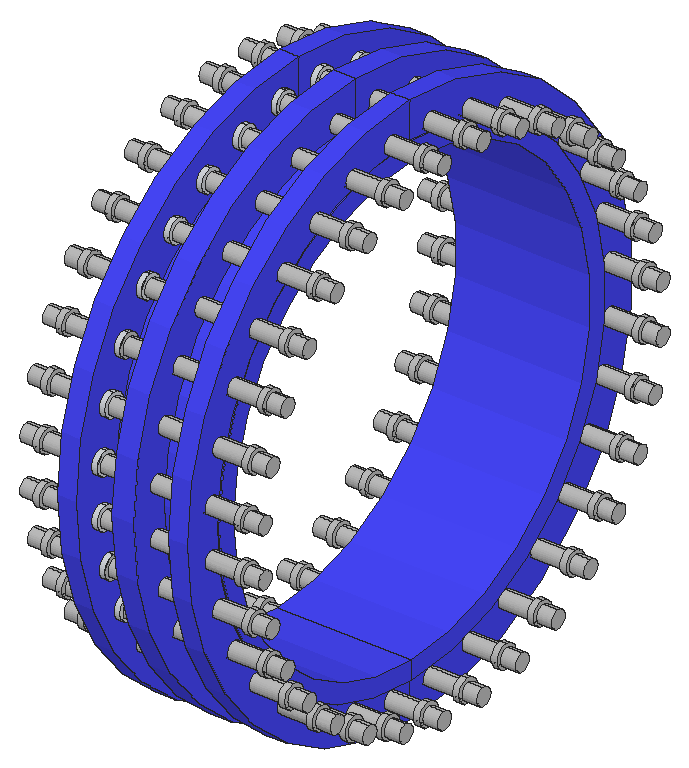
Revit family "265-91-001 DN1200", category Pipe Accessories, Revit 2022
Family settings
  Round Connector Dimension = Use Diameter
  Part Type = Valve - Breaks Into
  Work Plane-Based = No
  Always vertical = Yes
  Cut with Voids When Loaded = No
  Shared = No
Parameters (values of type "DN1200_PN16")
  raised_R = D * 0.87  # 648.15 mm
  offset = S11 - S  # 15.75 mm
  URL_product_pages = "https://www.avkvalves.com/P.aspx?no=265900401014036400"
  T1 = FL_T * 0.75  # 42.75 mm
  T = FL_T * 0.3  # 17.1 mm
  Search_table = "265-91-001 DN1200"
  S11 = S * 1.35  # 60.75 mm
  S = size_lookup(Search_table, "S", 0 mm, DN)  # 45 mm
  Raised_dis = size_lookup(Search_table, "Raised_dis", 0 mm, DN)  # 5 mm
  PN = size_lookup(Search_table, "PN", 0 mm, DN)  # 16 mm
  PCD = D * 0.9  # 670.5 mm
  Nut_T = FL_T * 0.3  # 17.1 mm
  L3 = FL_T / 2  # 28.5 mm
  L2 = L * 0.065  # 41.6 mm
  L11 = size_lookup(Search_table, "L11", 0 mm, DN)  # 360 mm
  L1 = L11 * 0.68  # 244.8 mm
  FL_T/2 = FL_T / 2  # 28.5 mm
  L = size_lookup(Search_table, "L", 0 mm, DN)  # 640 mm
  FL_T = size_lookup(Search_table, "FL_T", 0 mm, DN)  # 57 mm
  Description_ = "AVK DISMANTLING JOINT WITH CENTRE FLANGE, PN10/16"
  Default Elevation = 0 mm
  DN1200_PN10 = "265-9-0350-11-04036401"
  DN1200_PN16 = "265-9-0350-10-14036400"
  DN = 1200 mm
  D = size_lookup(Search_table, "D", 0 mm, DN) / 2  # 745 mm
  Bore = DN / 2  # 600 mm
  Bolt.no = size_lookup(Search_table, "Bolt.no", 0 mm, DN)  # 32 mm
  B1 = L * 0.08  # 51.2 mm
  25 = 25 mm  # constant formula
Types (3, lengths in mm): name | raised_R | offset | T1 | T | S11 | S | PN | PCD | Nut_T | L3 | L2 | L11 | L1 | FL_T/2 | L | FL_T | DN1200_PN10 | DN1200_PN16 | DN | D | Bore | B1
  (no name) | 648.15 | 15.75 | 42.75 | 17.1 | 60.75 | 45 | 16 | 670.5 | 17.1 | 28.5 | 41.6 | 360 | 244.8 | 28.5 | 640 | 57 | "265-9-0350-11-04036401" | "265-9-0350-10-14036400" | 1200 | 745 | 600 | 51.2
  DN1200_PN16 | 648.15 | 15.75 | 42.75 | 17.1 | 60.75 | 45 | 16 | 670.5 | 17.1 | 28.5 | 41.6 | 360 | 244.8 | 28.5 | 640 | 57 | "265-9-0350-11-04036401" | "265-9-0350-10-14036400" | 1200 | 745 | 600 | 51.2
  DN1200_PN10 | 632.925 | 12.6 | 33.75 | 13.5 | 48.6 | 36 | 10 | 654.75 | 13.5 | 22.5 | 35.425 | 320 | 217.6 | 22.5 | 545 | 45 | "265-9-1200-11-04036401" | "265-9-1200-10-14036400" | 1200.1 | 727.5 | 600.05 | 43.6
Reference planes
  plane 1 "Center (Front/Back)": y = 0
  plane 2: z = 0
  plane 3 "Center (Left/Right)": x = 0
  plane 4: z = 745
  plane 5: z = -745
  plane 6: x = -180
  plane 7: x = 180
  plane 8: x = -180
  plane 9: x = 180
  plane 10: z = 600
  plane 11: y = 670.5
  plane 12: y = -670.5
  plane 13: z = 670.5
  plane 14: z = -670.5
  plane 15: x = -320
  plane 16: x = 320
  plane 17: x = 123
  plane 18: x = -278.4
  plane 19: x = 278.4
  plane 20: x = -123
  plane 21: x = -28.5
  plane 22: x = -261.3
  plane 23: x = -105.9
  plane 24: x = -45.6
  plane 25: x = 105.9
  plane 26: x = 261.3
  plane 27: y = 0.002
  plane 28: y = 0
  plane 29: z = 320
  plane 30: z = 225
  plane 31: z = 292.5
  plane 32: z = 0
  plane 33: through (0, 821.027, -80.864) normal (0, 0.098, 0.9952)
  plane 34: through (0, 809.148, -160.95) normal (0, 0.1951, 0.9808)
  plane 35: through (0, 789.476, -239.485) normal (0, 0.2903, 0.9569)
  plane 36: through (0, 762.201, -315.714) normal (0, 0.3827, 0.9239)
  plane 37: through (0, 727.585, -388.902) normal (0, 0.4714, 0.8819)
  plane 38: through (0, 685.962, -458.345) normal (0, 0.5556, 0.8315)
  plane 39: through (0, 637.734, -523.374) normal (0, 0.6344, 0.773)
  plane 40: through (0, 583.363, -583.363) normal (0, 0.7071, 0.7071)
  plane 41: through (0, 523.374, -637.734) normal (0, 0.773, 0.6344)
  plane 42: through (0, 458.345, -685.962) normal (0, 0.8315, 0.5556)
  plane 43: through (0, 388.902, -727.585) normal (0, 0.8819, 0.4714)
  plane 44: through (0, 315.714, -762.201) normal (0, 0.9239, 0.3827)
  plane 45: through (0, 388.902, -727.585) normal (0, 0.8819, 0.4714)
  plane 46: through (0, 239.485, -789.476) normal (0, 0.9569, 0.2903)
  plane 47: through (0, 160.95, -809.148) normal (0, 0.9808, 0.1951)
  plane 48: through (0, 80.864, -821.027) normal (0, 0.9952, 0.098)
  plane 49: through (0, -821.027, -80.864) normal (0, 0.098, -0.9952)
  plane 50: through (0, -809.148, -160.95) normal (0, 0.1951, -0.9808)
  plane 51: through (0, -789.476, -239.485) normal (0, 0.2903, -0.9569)
  plane 52: through (0, -762.201, -315.714) normal (0, 0.3827, -0.9239)
  plane 53: through (0, -727.585, -388.902) normal (0, 0.4714, -0.8819)
  plane 54: through (0, -685.962, -458.345) normal (0, 0.5556, -0.8315)
  plane 55: through (0, -637.734, -523.374) normal (0, 0.6344, -0.773)
  plane 56: through (0, -583.363, -583.363) normal (0, 0.7071, -0.7071)
  plane 57: through (0, -523.374, -637.734) normal (0, 0.773, -0.6344)
  plane 58: through (0, -458.345, -685.962) normal (0, 0.8315, -0.5556)
  plane 59: through (0, -388.902, -727.585) normal (0, 0.8819, -0.4714)
  plane 60: through (0, -315.714, -762.201) normal (0, 0.9239, -0.3827)
  plane 61: through (0, -388.902, -727.585) normal (0, 0.8819, -0.4714)
  plane 62: through (0, -239.485, -789.476) normal (0, 0.9569, -0.2903)
  plane 63: through (0, -160.95, -809.148) normal (0, 0.9808, -0.1951)
  plane 64: through (0, -80.864, -821.027) normal (0, 0.9952, -0.098)
Forms (mm)
  Revolve 1, solid, material "Laminate, Blue, Matte"
    sketch origin (0, 0, 0) x (1, 0, 0) y (0, 0, 1)
      loop
        line (-180, 648.15) -> (-180, 600) -> (180, 600) -> (180, 648.15) -> (175, 648.15) -> (175, 745) -> (123, 745) -> (123, 617.1) -> (-123, 617.1) -> (-123, 745) -> (-175, 745) -> (-175, 648.15) -> (-180, 648.15)
      axis (-180, 0) -> (180, 0)
    angle from 0 to 360
  Revolve 2, solid, material "Laminate, Blue, Matte"
    sketch origin (0, 0, 0) x (1, 0, 0) y (0, 0, 1)
      loop
        line (-28.5, 745) -> (-28.5, 617.1) -> (64.8, 617.1) -> (64.8, 642.75) -> (28.5, 642.75) -> (28.5, 745) -> (-28.5, 745)
      axis (-28.5, 0) -> (64.8, 0)
    angle from 0 to 360
  Extrusion 3, solid, material "Stainless Steel AISI 304"
    sketch origin (-278.4, -1524, 188.585) x (0, 0, 1) y (0, -1, 0)
      loop
        circle (-254.305, -2191.271) r 22.5
      loop
        circle (-383.221, -2165.628) r 22.5
      loop
        circle (-504.656, -2115.328) r 22.5
      loop
        circle (-613.945, -2042.304) r 22.5
      loop
        circle (-706.888, -1949.361) r 22.5
      loop
        circle (-779.913, -1840.072) r 22.5
      loop
        circle (-830.213, -1718.636) r 22.5
      loop
        circle (-855.856, -1589.72) r 22.5
      loop
        circle (-254.305, -856.729) r 22.5
      loop
        circle (-383.221, -882.372) r 22.5
      loop
        circle (-504.656, -932.672) r 22.5
      loop
        circle (-613.945, -1005.696) r 22.5
      loop
        circle (-706.888, -1098.639) r 22.5
      loop
        circle (-779.913, -1207.928) r 22.5
      loop
        circle (-830.213, -1329.364) r 22.5
      loop
        circle (-855.856, -1458.28) r 22.5
      loop
        circle (-122.864, -2191.271) r 22.5
      loop
        circle (6.051, -2165.628) r 22.5
      loop
        circle (127.487, -2115.328) r 22.5
      loop
        circle (236.776, -2042.304) r 22.5
      loop
        circle (329.719, -1949.361) r 22.5
      loop
        circle (402.744, -1840.072) r 22.5
      loop
        circle (453.044, -1718.636) r 22.5
      loop
        circle (478.687, -1589.72) r 22.5
      loop
        circle (-122.864, -856.729) r 22.5
      loop
        circle (6.051, -882.372) r 22.5
      loop
        circle (127.487, -932.672) r 22.5
      loop
        circle (236.776, -1005.696) r 22.5
      loop
        circle (329.719, -1098.639) r 22.5
      loop
        circle (402.744, -1207.928) r 22.5
      loop
        circle (453.044, -1329.364) r 22.5
      loop
        circle (478.687, -1458.28) r 22.5
    from -41.6 to 598.4
  Extrusion 4, solid, material "Stainless Steel AISI 304"
    sketch origin (-237.075, -1524, 188.585) x (0, 0, 1) y (0, -1, 0)
      loop
        circle (-254.305, -2191.271) r 30.375
      loop
        circle (-383.221, -2165.628) r 30.375
      loop
        circle (-504.656, -2115.328) r 30.375
      loop
        circle (-613.945, -2042.304) r 30.375
      loop
        circle (-706.888, -1949.361) r 30.375
      loop
        circle (-779.913, -1840.072) r 30.375
      loop
        circle (-830.213, -1718.636) r 30.375
      loop
        circle (-855.856, -1589.72) r 30.375
      loop
        circle (-855.856, -1458.28) r 30.375
      loop
        circle (-830.213, -1329.364) r 30.375
      loop
        circle (-779.913, -1207.928) r 30.375
      loop
        circle (-706.888, -1098.639) r 30.375
      loop
        circle (-613.945, -1005.696) r 30.375
      loop
        circle (-504.656, -932.672) r 30.375
      loop
        circle (-383.221, -882.372) r 30.375
      loop
        circle (-254.305, -856.729) r 30.375
      loop
        circle (-122.864, -2191.271) r 30.375
      loop
        circle (6.051, -2165.628) r 30.375
      loop
        circle (127.487, -2115.328) r 30.375
      loop
        circle (236.776, -2042.304) r 30.375
      loop
        circle (329.719, -1949.361) r 30.375
      loop
        circle (402.744, -1840.072) r 30.375
      loop
        circle (453.044, -1718.636) r 30.375
      loop
        circle (478.687, -1589.72) r 30.375
      loop
        circle (478.687, -1458.28) r 30.375
      loop
        circle (453.044, -1329.364) r 30.375
      loop
        circle (402.744, -1207.928) r 30.375
      loop
        circle (329.719, -1098.639) r 30.375
      loop
        circle (236.776, -1005.696) r 30.375
      loop
        circle (127.487, -932.672) r 30.375
      loop
        circle (6.051, -882.372) r 30.375
      loop
        circle (-122.864, -856.729) r 30.375
    from -41.325 to -24.225
  Extrusion 5, solid, material "Stainless Steel AISI 304"
    sketch origin (-278.4, -1524, 188.585) x (0, 0, 1) y (0, -1, 0)
      loop
        circle (-254.305, -2191.271) r 30.375
      loop
        circle (-383.221, -2165.628) r 30.375
      loop
        circle (-504.656, -2115.328) r 30.375
      loop
        circle (-613.945, -2042.304) r 30.375
      loop
        circle (-706.888, -1949.361) r 30.375
      loop
        circle (-779.913, -1840.072) r 30.375
      loop
        circle (-830.213, -1718.636) r 30.375
      loop
        circle (-855.856, -1589.72) r 30.375
      loop
        circle (-855.856, -1458.28) r 30.375
      loop
        circle (-830.213, -1329.364) r 30.375
      loop
        circle (-779.913, -1207.928) r 30.375
      loop
        circle (-706.888, -1098.639) r 30.375
      loop
        circle (-613.945, -1005.696) r 30.375
      loop
        circle (-504.656, -932.672) r 30.375
      loop
        circle (-383.221, -882.372) r 30.375
      loop
        circle (-254.305, -856.729) r 30.375
      loop
        circle (-122.864, -856.729) r 30.375
      loop
        circle (6.051, -882.372) r 30.375
      loop
        circle (127.487, -932.672) r 30.375
      loop
        circle (236.776, -1005.696) r 30.375
      loop
        circle (329.719, -1098.639) r 30.375
      loop
        circle (402.744, -1207.928) r 30.375
      loop
        circle (453.044, -1329.364) r 30.375
      loop
        circle (478.687, -1458.28) r 30.375
      loop
        circle (478.687, -1589.72) r 30.375
      loop
        circle (453.044, -1718.636) r 30.375
      loop
        circle (402.744, -1840.072) r 30.375
      loop
        circle (329.719, -1949.361) r 30.375
      loop
        circle (236.776, -2042.304) r 30.375
      loop
        circle (-122.864, -2191.271) r 30.375
      loop
        circle (6.051, -2165.628) r 30.375
      loop
        circle (127.487, -2115.328) r 30.375
    from 556.8 to 539.7
  Extrusion 6, solid
    sketch origin (-278.4, -1524, 188.585) x (0, 0, 1) y (0, -1, 0)
      loop
        circle (-122.864, -2191.271) r 30.375
      loop
        circle (6.051, -2165.628) r 30.375
      loop
        circle (127.487, -2115.328) r 30.375
      loop
        circle (236.776, -2042.304) r 30.375
      loop
        circle (-254.305, -2191.271) r 30.375
      loop
        circle (-383.221, -2165.628) r 30.375
      loop
        circle (-504.656, -2115.328) r 30.375
      loop
        circle (-613.945, -2042.304) r 30.375
      loop
        circle (-706.888, -1949.361) r 30.375
      loop
        circle (-779.913, -1840.072) r 30.375
      loop
        circle (-830.213, -1718.636) r 30.375
      loop
        circle (-855.856, -1589.72) r 30.375
      loop
        circle (-855.856, -1458.28) r 30.375
      loop
        circle (-830.213, -1329.364) r 30.375
      loop
        circle (-779.913, -1207.928) r 30.375
      loop
        circle (-706.888, -1098.639) r 30.375
      loop
        circle (-613.945, -1005.696) r 30.375
      loop
        circle (-504.656, -932.672) r 30.375
      loop
        circle (-383.221, -882.372) r 30.375
      loop
        circle (-254.305, -856.729) r 30.375
      loop
        circle (-122.864, -856.729) r 30.375
      loop
        circle (6.051, -882.372) r 30.375
      loop
        circle (127.487, -932.672) r 30.375
      loop
        circle (236.776, -1005.696) r 30.375
      loop
        circle (329.719, -1098.639) r 30.375
      loop
        circle (402.744, -1207.928) r 30.375
      loop
        circle (453.044, -1329.364) r 30.375
      loop
        circle (478.687, -1458.28) r 30.375
      loop
        circle (478.687, -1589.72) r 30.375
      loop
        circle (453.044, -1718.636) r 30.375
      loop
        circle (402.744, -1840.072) r 30.375
      loop
        circle (329.719, -1949.361) r 30.375
    from 172.5 to 155.4
  Extrusion 7, solid, material "Stainless Steel AISI 304"
    sketch origin (-278.4, -1524, 188.585) x (0, 0, 1) y (0, -1, 0)
      loop
        circle (127.487, -2115.328) r 30.375
      loop
        circle (6.051, -2165.628) r 30.375
      loop
        circle (-122.864, -2191.271) r 30.375
      loop
        circle (-254.305, -2191.271) r 30.375
      loop
        circle (-383.221, -2165.628) r 30.375
      loop
        circle (-504.656, -2115.328) r 30.375
      loop
        circle (-613.945, -2042.304) r 30.375
      loop
        circle (-706.888, -1949.361) r 30.375
      loop
        circle (-779.913, -1840.072) r 30.375
      loop
        circle (-830.213, -1718.636) r 30.375
      loop
        circle (-855.856, -1589.72) r 30.375
      loop
        circle (-855.856, -1458.28) r 30.375
      loop
        circle (-830.213, -1329.364) r 30.375
      loop
        circle (-779.913, -1207.928) r 30.375
      loop
        circle (-706.888, -1098.639) r 30.375
      loop
        circle (-613.945, -1005.696) r 30.375
      loop
        circle (-504.656, -932.672) r 30.375
      loop
        circle (-383.221, -882.372) r 30.375
      loop
        circle (-254.305, -856.729) r 30.375
      loop
        circle (-122.864, -856.729) r 30.375
      loop
        circle (6.051, -882.372) r 30.375
      loop
        circle (127.487, -932.672) r 30.375
      loop
        circle (236.776, -1005.696) r 30.375
      loop
        circle (329.719, -1098.639) r 30.375
      loop
        circle (402.744, -1207.928) r 30.375
      loop
        circle (453.044, -1329.364) r 30.375
      loop
        circle (478.687, -1458.28) r 30.375
      loop
        circle (478.687, -1589.72) r 30.375
      loop
        circle (453.044, -1718.636) r 30.375
      loop
        circle (402.744, -1840.072) r 30.375
      loop
        circle (236.776, -2042.304) r 30.375
      loop
        circle (329.719, -1949.361) r 30.375
    from 384.3 to 401.4
  Extrusion 8, solid, material "Stainless Steel AISI 304"
    sketch origin (-278.4, -1524, 188.585) x (0, 0, 1) y (0, -1, 0)
      loop
        circle (-122.864, -2191.271) r 30.375
      loop
        circle (6.051, -2165.628) r 30.375
      loop
        circle (-254.305, -2191.271) r 30.375
      loop
        circle (-383.221, -2165.628) r 30.375
      loop
        circle (-504.656, -2115.328) r 30.375
      loop
        circle (-613.945, -2042.304) r 30.375
      loop
        circle (-706.888, -1949.361) r 30.375
      loop
        circle (-779.913, -1840.072) r 30.375
      loop
        circle (-830.213, -1718.636) r 30.375
      loop
        circle (-855.856, -1589.72) r 30.375
      loop
        circle (-855.856, -1458.28) r 30.375
      loop
        circle (-830.213, -1329.364) r 30.375
      loop
        circle (-779.913, -1207.928) r 30.375
      loop
        circle (-706.888, -1098.639) r 30.375
      loop
        circle (-613.945, -1005.696) r 30.375
      loop
        circle (-504.656, -932.672) r 30.375
      loop
        circle (-383.221, -882.372) r 30.375
      loop
        circle (-254.305, -856.729) r 30.375
      loop
        circle (-122.864, -856.729) r 30.375
      loop
        circle (6.051, -882.372) r 30.375
      loop
        circle (127.487, -932.672) r 30.375
      loop
        circle (236.776, -1005.696) r 30.375
      loop
        circle (329.719, -1098.639) r 30.375
      loop
        circle (402.744, -1207.928) r 30.375
      loop
        circle (453.044, -1329.364) r 30.375
      loop
        circle (478.687, -1458.28) r 30.375
      loop
        circle (127.487, -2115.328) r 30.375
      loop
        circle (236.776, -2042.304) r 30.375
      loop
        circle (329.719, -1949.361) r 30.375
      loop
        circle (402.744, -1840.072) r 30.375
      loop
        circle (453.044, -1718.636) r 30.375
      loop
        circle (478.687, -1589.72) r 30.375
    from 155.4 to 172.5
Dimensions and locks
  equal spacing: plane 4, level, plane 5
  "D": plane 4 to level
  equal spacing: plane 7, plane 3 "Center (Left/Right)", plane 6
  "L11": plane 7 to plane 6
  equal spacing: plane 9, plane 3 "Center (Left/Right)", plane 8
  "L11": plane 9 to plane 8
  "Bore": plane 10 to level
  equal spacing: Revolve 1 sketch curve, plane 3 "Center (Left/Right)", Revolve 1 sketch curve  (x3)
  "T": Revolve 1 sketch curve to plane 10
  "Raised_dis": Revolve 1 sketch curve to plane 6
  "FL_T": Revolve 1 sketch curve to plane 6
  "T1": Revolve 2 sketch curve to plane 10
  "T": Revolve 2 sketch curve to plane 10
  "L1": Revolve 2 sketch curve to plane 6
  equal spacing: Revolve 2 sketch curve, plane 3 "Center (Left/Right)", Revolve 2 sketch curve
  "FL_T/2": plane 3 "Center (Left/Right)" to Revolve 2 sketch curve
  equal spacing: plane 11, plane 1 "Center (Front/Back)", plane 12
  equal spacing: plane 13, level, plane 14
  "PCD": plane 13 to level
  "PCD": plane 11 to plane 1 "Center (Front/Back)"
  equal spacing: plane 16, plane 3 "Center (Left/Right)", plane 15
  "L": plane 16 to plane 15
  "FL_T": plane 9 to plane 17
  "L2": plane 18 to plane 15
  equal spacing: plane 19, plane 3 "Center (Left/Right)", plane 18
  "FL_T": plane 20 to plane 8
  "FL_T/2": plane 3 "Center (Left/Right)" to plane 21
  "raised_R": Revolve 1 sketch curve to level
  "Nut_T": plane 22 to plane 18
  "Nut_T": plane 23 to plane 20
  "Nut_T": plane 21 to plane 24
  "Nut_T": plane 17 to plane 25
  "Nut_T": plane 19 to plane 26
  plane 16 to plane 15 = 640 mm
  plane 4 to plane 5 = 1490 mm
  "PCD": plane 64 to Extrusion 3 sketch curve
  equal spacing: Extrusion 3 sketch curve, plane 33, Extrusion 3 sketch curve  (x2)
  equal spacing: Extrusion 3 sketch curve, plane 35, Extrusion 3 sketch curve  (x2)
  "PCD": Extrusion 3 sketch curve to plane 62
  equal spacing: Extrusion 3 sketch curve, plane 37, Extrusion 3 sketch curve  (x2)
  equal spacing: Extrusion 3 sketch curve, plane 39, Extrusion 3 sketch curve  (x2)
  equal spacing: Extrusion 3 sketch curve, plane 41, Extrusion 3 sketch curve  (x2)
  equal spacing: Extrusion 3 sketch curve, plane 45, Extrusion 3 sketch curve  (x2)
  equal spacing: Extrusion 3 sketch curve, plane 46, Extrusion 3 sketch curve  (x2)
  equal spacing: Extrusion 3 sketch curve, plane 48, Extrusion 3 sketch curve  (x2)
  "PCD": plane 61 to Extrusion 3 sketch curve
  "PCD": plane 57 to Extrusion 3 sketch curve
  "PCD": plane 53 to Extrusion 3 sketch curve
  "PCD": plane 49 to Extrusion 3 sketch curve
  "PCD": Extrusion 3 sketch curve to plane 51
  "PCD": Extrusion 3 sketch curve to plane 55
  "PCD": Extrusion 4 sketch curve to plane 51
  "PCD": plane 49 to Extrusion 4 sketch curve
  "PCD": plane 53 to Extrusion 4 sketch curve
  "PCD": plane 64 to Extrusion 4 sketch curve
  "PCD": Extrusion 4 sketch curve to plane 62
  "PCD": plane 61 to Extrusion 4 sketch curve
  "PCD": plane 57 to Extrusion 4 sketch curve
  equal spacing: Extrusion 4 sketch curve, plane 33, Extrusion 4 sketch curve  (x2)
  equal spacing: Extrusion 4 sketch curve, plane 35, Extrusion 4 sketch curve  (x2)
  equal spacing: Extrusion 4 sketch curve, plane 37, Extrusion 4 sketch curve  (x2)
  equal spacing: Extrusion 4 sketch curve, plane 39, Extrusion 4 sketch curve  (x2)
  equal spacing: Extrusion 4 sketch curve, plane 41, Extrusion 4 sketch curve  (x2)
  equal spacing: Extrusion 4 sketch curve, plane 45, Extrusion 4 sketch curve  (x2)
  equal spacing: Extrusion 4 sketch curve, plane 46, Extrusion 4 sketch curve  (x2)
  equal spacing: Extrusion 4 sketch curve, plane 48, Extrusion 4 sketch curve  (x2)
  "PCD": Extrusion 4 sketch curve to plane 55
  "PCD": plane 33 to Extrusion 3 sketch curve
  equal spacing: Extrusion 3 sketch curve, plane 64, Extrusion 3 sketch curve  (x2)
  equal spacing: Extrusion 3 sketch curve, plane 62, Extrusion 3 sketch curve  (x2)
  equal spacing: Extrusion 3 sketch curve, plane 61, Extrusion 3 sketch curve  (x2)
  "PCD": Extrusion 3 sketch curve to plane 35
  "PCD": plane 37 to Extrusion 3 sketch curve
  "PCD": Extrusion 3 sketch curve to plane 39
  "PCD": plane 41 to Extrusion 3 sketch curve
  "PCD": plane 45 to Extrusion 3 sketch curve
  "PCD": plane 48 to Extrusion 3 sketch curve
  "PCD": Extrusion 3 sketch curve to plane 46
  equal spacing: Extrusion 3 sketch curve, plane 57, Extrusion 3 sketch curve  (x2)
  equal spacing: Extrusion 3 sketch curve, plane 55, Extrusion 3 sketch curve  (x2)
  equal spacing: Extrusion 3 sketch curve, plane 53, Extrusion 3 sketch curve  (x2)
  equal spacing: Extrusion 3 sketch curve, plane 51, Extrusion 3 sketch curve  (x2)
  equal spacing: Extrusion 3 sketch curve, plane 49, Extrusion 3 sketch curve  (x2)
  "PCD": Extrusion 3 sketch curve to plane 48
  "PCD": plane 46 to Extrusion 3 sketch curve
  "PCD": Extrusion 3 sketch curve to plane 45
  "PCD": Extrusion 3 sketch curve to plane 41
  "PCD": plane 39 to Extrusion 3 sketch curve
  "PCD": plane 35 to Extrusion 3 sketch curve
  "PCD": Extrusion 3 sketch curve to plane 33
  "PCD": Extrusion 3 sketch curve to plane 37
  "PCD": Extrusion 3 sketch curve to plane 49
  "PCD": plane 51 to Extrusion 3 sketch curve
  "PCD": Extrusion 3 sketch curve to plane 53
  "PCD": plane 55 to Extrusion 3 sketch curve
  "PCD": Extrusion 3 sketch curve to plane 57
  "PCD": Extrusion 3 sketch curve to plane 61
  "PCD": plane 62 to Extrusion 3 sketch curve
  "PCD": Extrusion 3 sketch curve to plane 64
  equal spacing: Extrusion 4 sketch curve, plane 64, Extrusion 4 sketch curve  (x2)
  equal spacing: Extrusion 4 sketch curve, plane 62, Extrusion 4 sketch curve  (x2)
  equal spacing: Extrusion 4 sketch curve, plane 61, Extrusion 4 sketch curve  (x2)
  equal spacing: Extrusion 4 sketch curve, plane 57, Extrusion 4 sketch curve  (x2)
  equal spacing: Extrusion 4 sketch curve, plane 55, Extrusion 4 sketch curve  (x2)
  equal spacing: Extrusion 4 sketch curve, plane 53, Extrusion 4 sketch curve  (x2)
  equal spacing: Extrusion 4 sketch curve, plane 51, Extrusion 4 sketch curve  (x2)
  equal spacing: Extrusion 4 sketch curve, plane 49, Extrusion 4 sketch curve  (x2)
  "PCD": plane 33 to Extrusion 4 sketch curve
  "PCD": Extrusion 4 sketch curve to plane 35
  "PCD": plane 37 to Extrusion 4 sketch curve
  "PCD": Extrusion 4 sketch curve to plane 39
  "PCD": plane 41 to Extrusion 4 sketch curve
  "PCD": plane 45 to Extrusion 4 sketch curve
  "PCD": Extrusion 4 sketch curve to plane 46
  "PCD": plane 48 to Extrusion 4 sketch curve
  "PCD": Extrusion 4 sketch curve to plane 48
  "PCD": plane 46 to Extrusion 4 sketch curve
  "PCD": Extrusion 4 sketch curve to plane 45
  "PCD": Extrusion 4 sketch curve to plane 41
  "PCD": Extrusion 4 sketch curve to plane 37
  "PCD": Extrusion 4 sketch curve to plane 33
  "PCD": plane 35 to Extrusion 4 sketch curve
  "PCD": plane 39 to Extrusion 4 sketch curve
  "PCD": Extrusion 4 sketch curve to plane 64
  "PCD": plane 62 to Extrusion 4 sketch curve
  "PCD": Extrusion 4 sketch curve to plane 61
  "PCD": Extrusion 4 sketch curve to plane 57
  "PCD": plane 55 to Extrusion 4 sketch curve
  "PCD": Extrusion 4 sketch curve to plane 53
  "PCD": plane 51 to Extrusion 4 sketch curve
  "PCD": Extrusion 4 sketch curve to plane 49
  "S": diameter of Extrusion 3 sketch curve  (x32)
  "S11": diameter of Extrusion 4 sketch curve  (x32)
  diameter of Extrusion 3 = 45 mm
  aligned and locked: level to plane 2
  aligned and locked: Revolve 1 sketch curve to level
  aligned and locked: Revolve 1 sketch curve to Revolve 1 sketch curve  (x2)
  aligned and locked: plane 10 to Revolve 1 sketch curve
  aligned and locked: plane 6 to Revolve 1 sketch curve
  aligned and locked: Revolve 1 sketch curve to plane 4
  aligned and locked: Revolve 2 sketch curve to plane 4
  aligned and locked: level to plane 32
  aligned and locked: Extrusion 3 to plane 16
  aligned and locked: Extrusion 4 to plane 18
  aligned and locked: Extrusion 3 to plane 15
  aligned and locked: Extrusion 4 to plane 22
  aligned and locked: Extrusion 5 sketch curve to Extrusion 4  (x64)
  aligned and locked: Extrusion 5 to plane 19
  aligned and locked: Extrusion 5 to plane 26
  aligned and locked: Extrusion 6 sketch curve to Extrusion 4  (x64)
  aligned and locked: plane 23 to Extrusion 6
  aligned and locked: Revolve 1 to Extrusion 6
  aligned and locked: Extrusion 7 sketch curve to Extrusion 4  (x64)
  aligned and locked: Extrusion 7 to Revolve 1
  aligned and locked: Extrusion 7 to plane 25
  aligned and locked: Extrusion 8 sketch curve to Extrusion 4  (x64)
  aligned and locked: Revolve 1 to Extrusion 8
  aligned and locked: Extrusion 8 to plane 23
Automatic sketch dimensions
  Revolve 1 sketch curve to plane 6 = 5.606 mm
  Revolve 1 sketch curve to plane 7 = 4.556 mm
  Revolve 2 sketch curve to level = 0 mm
  Revolve 2 sketch curve to plane 22 = 2.897 mm
  Revolve 2 sketch curve to plane 7 = 1.915 mm
Nested families
  nested 1: "logo medium-111" at (-83.575, -617.082, -4.731) x (1, 0, 0) z (0, -1, -0.0077), type "logo medium-111"
Connectors
  piping at (180, 0, 0), diameter 1200, driven by "DN"
    settings: on Revolve 1, index 1, connector inside diameter 609.6 mm, connector length 0 mm, flow factor 0, pipe flow 0.0 L/s, pressure drop 0.0 Pa, fitting loss kfactor 0, connector angle 0.00°, fixture units 0, engagement length 0 mm, angle of deflection 0.00°, flow configuration 0, flow direction 0, fitting loss method 0, system type 7, joint type 0, gender type 0, connector reference index -1, connector utility 0, adjustable connector no, is connector primary yes, connector description ""
  piping at (-180, 0, 0), diameter 1200, driven by "DN"
    settings: on Revolve 1, index 2, connector inside diameter 609.6 mm, connector length 0 mm, flow factor 0, pipe flow 0.0 L/s, pressure drop 0.0 Pa, fitting loss kfactor 0, connector angle 0.00°, fixture units 0, engagement length 0 mm, angle of deflection 0.00°, flow configuration 0, flow direction 0, fitting loss method 0, system type 7, joint type 0, gender type 0, connector reference index -1, connector utility 0, adjustable connector no, is connector primary no, connector description ""
Definition of nested family "logo medium-111"
  Parameters
    Default Elevation = 1219.2 mm
  Reference planes
    plane 1 "Center (Front/Back)": y = 0
    plane 2: z = 0
    plane 3 "Center (Left/Right)": x = 0
  Forms (mm)
    Extrusion 1, solid
      sketch origin (0, 0, 0) x (1, 0, 0) y (0, 1, 0)
        loop
          line (-1219.2, 1219.2) -> (-1219.2, -1219.2) -> (1219.2, -1219.2) -> (1219.2, 1219.2) -> (-1219.2, 1219.2)
      from 0 to -188.781
    Extrusion 2, solid
      sketch origin (0, 0, 0) x (1, 0, 0) y (0, 1, 0)
        loop
          line (-30.911, 14.607) -> (-12.952, 14.607) -> (-3.438, -8.594) -> (3.26, -8.594) -> (12.676, 14.607) -> (30.732, 14.607) -> (30.732, 20.529) -> (7.968, 20.529) -> (0, 0) -> (-8.195, 20.529) -> (-30.911, 20.529) -> (-30.911, 14.607)
        loop
          line (30.732, 6.453) -> (30.732, 12.569) -> (24.908, 12.569)
          arc (24.908, 12.569) -> (22.993, 7.075) -> (17.724, 4.608) r 7.492
          line (17.724, 4.608) -> (20.928, 12.569) -> (14.521, 12.569) -> (5.881, -8.594) -> (12.434, -8.594) -> (15.777, -0.405) -> (21.354, -8.594) -> (29.424, -8.594) -> (22.319, 0.649)
          arc (22.319, 0.649) -> (26.344, 2.972) -> (29.424, 6.453) r 14.456
          line (29.424, 6.453) -> (30.732, 6.453)
        loop
          line (-5.865, -8.594) -> (-14.796, 12.569) -> (-30.911, 12.569) -> (-30.911, 6.453) -> (-25.086, 6.453) -> (-30.911, -8.594) -> (-25.086, -8.594) -> (-23.728, -5.084) -> (-13.656, -5.084) -> (-12.175, -8.594) -> (-5.865, -8.594)
        loop
          line (-18.776, 7.618) -> (-21.494, 0) -> (-15.961, 0) -> (-18.776, 7.618)
      from 0 to 2
  Dimensions and locks
    aligned and locked: plane 2 to Extrusion 1
    aligned and locked: level to Extrusion 1
    aligned and locked: Extrusion 2 sketch curve to import instance  (x36)
